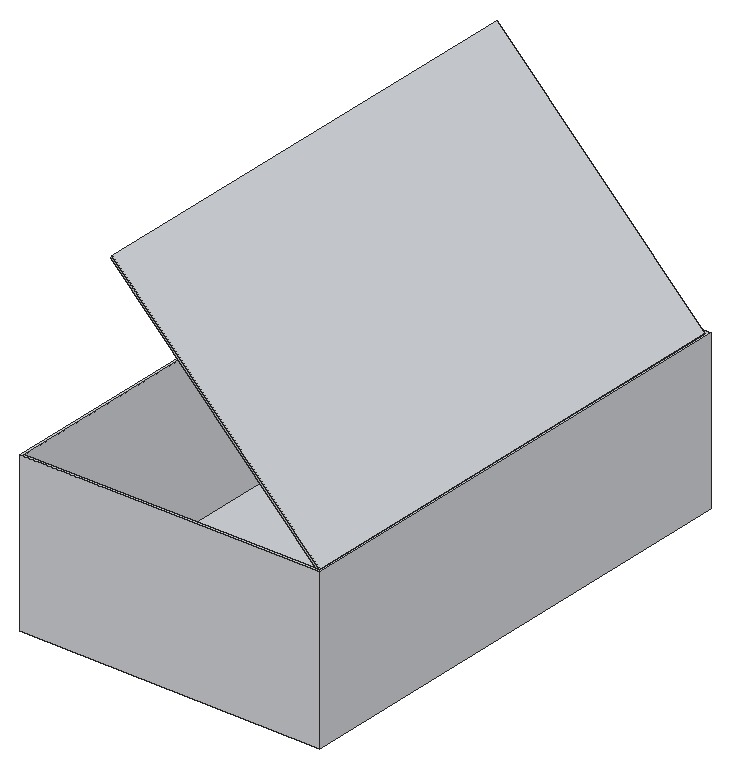
Revit family "Hager-Vector-IP65-vuoto-IT-it", category Electrical Equipment, host Face, Revit 2020
Family settings
  Host = Face
  Panel Configuration = Two Columns, Circuits Across
  Round Connector Dimension = Use Diameter
  Part Type = Panelboard
  Cut with Voids When Loaded = No
  Shared = No
  Room Calculation Point = No
Parameters (values of type "A parete IP65 L400 A650 P210 0 Unità di divisione - VP72G")
  Width Control [instance] = if([HG000006 - Ad incasso], if([EF000846 - larghezza di montaggio] > min_whd, [EF000846 - larghezza di montaggio], min_whd), if([EF000008 - Larghezza] > min_whd, ([EF000008 - Larghezza]), min_whd))  # 400 mm
  Void Depth [instance] = if([HG000006 - Ad incasso], Depth Control, 1 mm)  # 1 mm
  Type Comments = [HG000003 - Gamma]  # "Vector"
  System Height [instance] = Height Control - 2 * [HG000005 - Spessore]  # 644 mm
  Model = [HG000004 - Codice produttore]  # "VP72G"
  HG000017 - Distanza tra i poli = 18 mm
  HG000016 - Visibilità delle porte nella vista 3D [instance] = yes
  HG000015 - Visibilità attraverso la porta [instance] = no
  HG000014 - Porta destra [instance] = yes
  HG000013 - Porta sinistra [instance] = not([HG000014 - Porta destra])  # no
  HG000012 - Angolo di apertura della porta [instance] = 45.00°
  HG000011 - File vuote nella parte basse = no
  HG000010 - Porte asimmetriche = no
  HG000009 - Porta doppia a battente = no
  HG000008 - Numero di file vuote = 0
  HG000007 - Numero di colonne vuote = 0
  HG000006 - Ad incasso = no
  HG000005 - Spessore = 3 mm  # constant formula
  HG000004 - Codice produttore = "VP72G"
  HG000003 - Gamma = "Vector"
  HG000002 - Con porta = yes
  HG000001 - Numero di colonne = 0
  EF015941 - Segnale di passaggio porta = no
  EF015777 - Morsettiera neutra = no
  EF015776 - Morsettiera di terra = no
  EF009212 - esecuzione coperchio = "EV000116 - chiuso"
  EF006306 - con serratura = yes
  EF006244 - coperchio/porta trasparente = no
  EF005474 - grado di protezione (IP) = "EV006421 - IP65"
  EF004462 - tipo di chiusura = "EV000154 - altri"
  EF002950 - Numero moduli DIN = 0
  EF001596 - Attacco Lampada = "EV000139 - plastica"
  EF001134 - barra DIN = no
  EF001131 - profondità interna = 210 mm
  EF001088 - possibilità di applicazione = yes
  EF001062 - esecuzione EMC = yes
  EF000846 - larghezza di montaggio = 0 mm
  EF000339 - tipo di copertura = "EV004216 - porta"
  EF000332 - Altezza della parte incassata = 0 mm
  EF000266 - numero di file = 0
  EF000218 - profondità di incasso = 210 mm
  EF000118 - con piastra di montaggio = no
  EF000116 - numero RAL = "7035"
  EF000049 - profondità = 210 mm
  EF000040 - Altezza = 650 mm
  EF000008 - Larghezza = 400 mm
  EF000007 - colore = "EV000270 - grigio"
  EF000003 - Tipo di montaggio = "EV000384 - A parete"
  Arrow Offset [instance] = Depth Control / 8  # 26.25 mm
  Arrow Height [instance] = Depth Control - Arrow Offset  # 183.75 mm
  Host Offset [instance] = if([HG000006 - Ad incasso], 0 mm, [EF000049 - profondità])  # 210 mm
  min_whd [instance] = (2 * [HG000005 - Spessore]) + 1 mm  # 7 mm
  Manufacturer = "Hager"  # constant formula
  Height Control [instance] = if([HG000006 - Ad incasso], if([EF000332 - Altezza della parte incassata] > min_whd, [EF000332 - Altezza della parte incassata], min_whd), if([EF000040 - Altezza] > min_whd, ([EF000040 - Altezza]), min_whd))  # 650 mm
  Flush Mounted - Door Frame Width [instance] = if(([EF000040 - Altezza] - [EF000332 - Altezza della parte incassata]) > 0 mm, if([HG000006 - Ad incasso], [EF000040 - Altezza] - [EF000332 - Altezza della parte incassata], 0 mm), 0 mm)  # 0 mm
  Depth Control [instance] = if([HG000006 - Ad incasso], if([EF000218 - profondità di incasso] > 0 mm, [EF000218 - profondità di incasso], 1 mm), if([EF000049 - profondità] > 0 mm, ([EF000049 - profondità]), 1 mm))  # 210 mm
  Default Elevation = 0 mm
Types (4, lengths in mm): name | Width Control | System Height | Model | HG000004 - Codice produttore | EF001131 - profondità interna | EF000218 - profondità di incasso | EF000118 - con piastra di montaggio | EF000049 - profondità | EF000040 - Altezza | EF000008 - Larghezza | Arrow Offset | Arrow Height | Host Offset | Height Control | Depth Control
  A parete IP65 L250 A350 P160 0 Unità di divisione - VP20G | 250 | 344 | "VP20G" | "VP20G" | 160 | 160 | yes | 160 | 350 | 250 | 20 | 140 | 160 | 350 | 160
  A parete IP65 L300 A500 P160 0 Unità di divisione - VP36G | 300 | 494 | "VP36G" | "VP36G" | 160 | 160 | no | 160 | 500 | 300 | 20 | 140 | 160 | 500 | 160
  A parete IP65 L400 A500 P210 0 Unità di divisione - VP54G | 400 | 494 | "VP54G" | "VP54G" | 210 | 210 | no | 210 | 500 | 400 | 26.25 | 183.75 | 210 | 500 | 210
  A parete IP65 L400 A650 P210 0 Unità di divisione - VP72G | 400 | 644 | "VP72G" | "VP72G" | 210 | 210 | no | 210 | 650 | 400 | 26.25 | 183.75 | 210 | 650 | 210
Reference planes
  plane 1 "Center (Front/Back)": y = 0
  plane 2: z = 0
  plane 3 "Center (Left/Right)": x = 0
  plane 4: z = 210
  plane 5: y = 3
  plane 6: z = 205
  plane 7: y = 325
  plane 8: y = 0
  plane 9: y = 650
  plane 10: z = 0
  plane 11: x = -200
  plane 12: x = 200
  plane 13: x = 197
  plane 14: x = -197
  plane 15: y = 647
  plane 16: z = 3
  plane 17: z = 207
  plane 18: z = -1
  plane 19: z = 207
Forms (mm)
  Extrusion 1, solid
    sketch origin (-583.045, 0, 1219.2) x (-1, 0, 0) y (0, 0, 1)
      loop
        line (-383.045, -1009.2) -> (-783.045, -1009.2) -> (-783.045, -1219.2) -> (-383.045, -1219.2) -> (-383.045, -1009.2)
    from 0 to 650 <- "Height Control"
  Extrusion 2, void
    sketch origin (-381.607, -4572, 210) x (0, -1, 0) y (-1, 0, 0)
      loop
        line (-5219, -184.607) -> (-5219, -578.607) -> (-4575, -578.607) -> (-4575, -184.607) -> (-5219, -184.607)
    from 0 to 207
  Extrusion 3, void
    sketch origin (0, 0, 0) x (1, 0, 0) y (0, 1, 0)
      loop
        line (-200, 0) -> (200, 0) -> (200, 650) -> (-200, 650) -> (-200, 0)
    from -1 to 1
  Extrusion 4, solid, detail levels coarse+medium
    sketch origin (-381.607, -4572, 210) x (-1, 0, 0) y (0, -1, 0)
      loop
        line (-184.607, -5219) -> (-184.607, -4575) -> (-578.607, -4575) -> (-578.607, -5219) -> (-184.607, -5219)
    from 0 to -3
Cuts and joins
  Extrusion 2 cuts Extrusion 1
Dimensions and locks
  plane 4 to plane 6 = 5 mm
  "Host Offset": plane 4 to host face
  "Flush Mounted - Door Frame Width": plane 1 "Center (Front/Back)" to plane 8
  "HG000005 - Spessore": plane 5 to plane 8
  locked: connector elem to plane 3 "Center (Left/Right)"
  "Height Control": plane 9 to plane 8
  equal spacing: plane 9, plane 7, plane 8
  locked: connector elem to plane 7
  "Depth Control": plane 4 to plane 10
  "HG000005 - Spessore": plane 11 to plane 14
  "HG000005 - Spessore": plane 12 to plane 13
  equal spacing: plane 11, plane 3 "Center (Left/Right)", plane 12
  "Width Control": plane 11 to plane 12
  "Arrow Offset": nested 4 to plane 10
  "HG000005 - Spessore": plane 9 to plane 15
  "HG000005 - Spessore": plane 16 to plane 10
  "HG000005 - Spessore": plane 4 to plane 17
  "Void Depth": plane 2 to plane 18
  "HG000005 - Spessore": plane 4 to plane 19
  aligned and locked: plane 2 to host face
  aligned and locked: level to host face
  aligned and locked: plane 3 "Center (Left/Right)" to nested 2
  aligned and locked: plane 4 to nested 2
  aligned and locked: nested 2 to plane 8
  aligned and locked: nested 1 to plane 6
  aligned and locked: plane 5 to nested 1
  aligned and locked: nested 4 to plane 11
  aligned and locked: nested 3 to plane 4
  aligned and locked: Extrusion 1 sketch curve to plane 12
  aligned and locked: Extrusion 1 sketch curve to plane 11
  aligned and locked: nested 3 to plane 10
  aligned and locked: plane 10 to Extrusion 1 sketch curve
  aligned and locked: plane 5 to Extrusion 2 sketch curve
  aligned and locked: Extrusion 2 sketch curve to plane 15
  aligned and locked: Extrusion 2 sketch curve to plane 14
  aligned and locked: Extrusion 2 sketch curve to plane 13
  aligned and locked: plane 11 to Extrusion 3 sketch curve
  aligned and locked: plane 9 to Extrusion 3 sketch curve
  aligned and locked: Extrusion 3 sketch curve to plane 8
  aligned and locked: plane 12 to Extrusion 3 sketch curve
  aligned and locked: nested 3 to plane 12
  aligned and locked: Extrusion 3 to plane 18
  aligned and locked: Extrusion 2 to plane 16
  aligned and locked: Extrusion 1 sketch curve to plane 4
  aligned and locked: Extrusion 4 to plane 17
  aligned and locked: Extrusion 4 sketch curve to plane 15
  aligned and locked: Extrusion 4 sketch curve to plane 13
  aligned and locked: Extrusion 4 sketch curve to plane 14
  aligned and locked: plane 5 to Extrusion 4 sketch curve
Automatic sketch dimensions
  host sketch curve to host sketch curve = 1469.727 mm
  host sketch curve to host sketch curve = 1434.803 mm
Nested families
  nested 1: "Hager_Enclosure_System" at (0, 3, 205) x (1, 0, 0) z (0, 1, 0), Depth <- "HG000005 - Spessore", Height <- "System Height", Width <- "EF000008 - Larghezza", Border <- "HG000005 - Spessore", Flush_Mounted <- "HG000006 - Ad incasso", Built-in_Width <- "EF000846 - larghezza di montaggio", Row_Module_Multiplicator <- "EF002950 - Numero moduli DIN", Total_No_Empty_Rows <- "HG000008 - Numero di file vuote", Total_No_Rows <- "EF000266 - numero di file", Empty_Columns <- "HG000007 - Numero di colonne vuote", Width_Control <- "Width Control", Empty_Rows_From_Bottom <- "HG000011 - File vuote nella parte basse", Distance_Between_Poles <- "HG000017 - Distanza tra i poli", Rows_Count <- "EF000266 - numero di file", Columns_Count <- "HG000001 - Numero di colonne", type "Hager_Enclosure_System", detail levels fine
    with Width_Control 400 mm, Width 400 mm, Total_No_Rows 0, Total_No_Empty_Rows 0, Total_No_Columns 1, System_Width 394 mm, Rows_Count 0, Rows_Column 0, Row_Module_Multiplicator 0, Panel_4 no, Panel_3 no, Panel_2 no, Panel_1 no, No_Panels_Ctrl 1, Hide_Columns yes, Height 644 mm, Flush_Mounted no, Empty_Rows_From_Bottom no, Empty_Rows_Column 0, Empty_Columns 0, Distance_Between_Poles 18 mm, Depth 3 mm, Columns_Count 0, Column_Width 394 mm, Built-in_Width 0 mm, Border 3 mm
  nested 2: "Hager_Enclosure_Door" at (0, 0, 210) x (1, 0, 0) z (0, 1, 0), Border <- "HG000005 - Spessore", Door_Right <- "HG000014 - Porta destra", Flush_Mounted <- "HG000006 - Ad incasso", Depth <- "EF000049 - profondità", Width <- "EF000008 - Larghezza", Door_Left <- "HG000013 - Porta sinistra", 3d_Door <- "HG000016 - Visibilità delle porte nella vista 3D", BuiltIn_Width <- "EF000846 - larghezza di montaggio", BuiltIn_Height <- "EF000332 - Altezza della parte incassata", BuiltIn_Depth <- "EF000218 - profondità di incasso", Angle <- "HG000012 - Angolo di apertura della porta", Assymetrical <- "HG000010 - Porte asimmetriche", Double <- "HG000009 - Porta doppia a battente", Clearance <- "HG000015 - Visibilità attraverso la porta", Transparent <- "EF006244 - coperchio/porta trasparente", Door <- "HG000002 - Con porta", Height_Ctrl <- "Height Control", Width_Ctrl <- "Width Control", Height <- "EF000040 - Altezza", type "Hager_Enclosure_Door", detail levels medium+fine
    with min_wh 7 mm, Width_Ctrl 400 mm, Width 400 mm, Transparent_Door_No_Bottom_Border no, Transparent no, Leaf_Width 391 mm, Leaf_Tolerance 1.5 mm, Leaf_Height 641 mm, Leaf_2_Width 391 mm, Leaf_2_Offset 195.5 mm, Leaf_1_Width 391 mm, Leaf_1_Offset 195.5 mm, Height_Ctrl 650 mm, Height 650 mm, Frame_Width_Ctrl 400 mm, Frame_Width 400 mm, Frame_Internal_Offset 0 mm, Frame_Height_Ctrl 650 mm, Frame_Height 650 mm, Frame_Depth_Ctrl 1 mm, Frame_Depth 0 mm, Flush_Mounted no, Double_Clearance_Ctrl no, Double no, Door_Right_Ctrl yes, Door_Right yes, Door_Left_Ctrl no, Door_Left no, Door yes, Depth 210 mm, Clearance_Depth 391 mm, Clearance_Ctrl no, Clearance no, BuiltIn_Width 0 mm, BuiltIn_Height 0 mm, BuiltIn_Depth 210 mm, Border 3 mm, Assymetrical no, Angle 45.00°, 3d_Door yes
  nested 3: "Hager_Enclosure_Symbol_Triangle" at (-200, 0, 0) x (1, 0, 0) z (0, -1, 0), Depth <- "Depth Control", Width <- "Width Control", type "Hager_Enclosure_Symbol_Triangle"
    with Width_Ctrl 400 mm, Width 400 mm, Depth_Ctrl 210 mm, Depth 210 mm
  nested 4: "Hager_Enclosure_Symbol_Arrow" at (-200, 0, 26.25) x (1, 0, 0) z (0, -1, 0), Height <- "Arrow Height", type "Hager_Enclosure_Symbol_Arrow"
    with Width_Inside 13.781 mm, Width 165.375 mm, Height_Ctrl 183.75 mm, Height 183.75 mm
Connectors
  electrical at (0, 325, 0)
    settings: on plane 10, index 1, voltage 0 V, apparent load 0 VA, apparent load phase1 0 VA, apparent load phase2 0 VA, apparent load phase3 0 VA, power factor 1, load classification "Other", number of poles 1, system type 30, power factor state 1, is connector primary yes, connector utility no, sub classification motor no, connector description ""
Definition of nested family "Hager_Enclosure_Door"
  Parameters (values of type "Hager_Enclosure_Door")
    min_wh [instance] = (2 * Border) + 1 mm  # 11 mm
    Width_Ctrl [instance] = 400 mm
    Width [instance] = 500 mm
    Transparent_Door_No_Bottom_Border [instance] = no
    Transparent [instance] = yes
    Leaf_Width [instance] = if((Width_Ctrl - 2 * Border - 2 * Leaf_Tolerance) > 0 mm, (Width_Ctrl - 2 * Border - 2 * Leaf_Tolerance), min_wh)  # 387 mm
    Leaf_Tolerance [instance] = 1.5 mm  # constant formula
    Leaf_Height [instance] = if((Height_Ctrl - 2 * Border - 2 * Leaf_Tolerance) > 0 mm, (Height_Ctrl - 2 * Border - 2 * Leaf_Tolerance), min_wh)  # 387 mm
    Leaf_2_Width [instance] = if(and(and(Double, Assymetrical), Door_Left), (Leaf_Width / 3) - (Leaf_Tolerance / 2), if(and(and(Double, Assymetrical), Door_Right), (Leaf_Width / 3) * 2 - (Leaf_Tolerance / 2), if(and(Double, not(Assymetrical)), (Leaf_Width / 2) - Leaf_Tolerance, Leaf_Width)))  # 387 mm
    Leaf_2_Offset [instance] = if(and(Double, Assymetrical), Leaf_2_Width / 2, if(and(Double, not(Assymetrical)), Leaf_Width / 4, Leaf_Width / 2))  # 193.5 mm
    Leaf_1_Width [instance] = if(and(and(Double, Assymetrical), Door_Right), (Leaf_Width / 3) - (Leaf_Tolerance / 2), if(and(and(Double, Assymetrical), Door_Left), (Width / 3) * 2 - (Leaf_Tolerance / 2), if(and(Double, not(Assymetrical)), (Leaf_Width / 2) - Leaf_Tolerance, Leaf_Width)))  # 387 mm
    Leaf_1_Offset [instance] = if(and(Double, Assymetrical), Leaf_1_Width / 2, if(and(Double, not(Assymetrical)), Leaf_Width / 4, Leaf_Width / 2))  # 193.5 mm
    Height_Ctrl [instance] = 400 mm
    Height [instance] = 500 mm
    Frame_Width_Ctrl [instance] = if(Frame_Width > 0 mm, Frame_Width, 1 mm)  # 1 mm
    Frame_Width [instance] = Width - BuiltIn_Width  # 0 mm
    Frame_Internal_Offset [instance] = if(Flush_Mounted, Border, 0 mm)  # 5 mm
    Frame_Height_Ctrl [instance] = if(Frame_Height > 0 mm, Frame_Height, 1 mm)  # 1 mm
    Frame_Height [instance] = Height - BuiltIn_Height  # 0 mm
    Frame_Depth_Ctrl [instance] = if(Frame_Depth > 0 mm, Frame_Depth, 1 mm)  # 1 mm
    Frame_Depth [instance] = if(Depth - BuiltIn_Depth > 0 mm, if(Flush_Mounted, Depth - BuiltIn_Depth, 0 mm), 0 mm)  # 0 mm
    Flush_Mounted [instance] = yes
    Double_Clearance_Ctrl [instance] = and(Double, Clearance)  # no
    Double [instance] = no
    Door_Right_Ctrl [instance] = and(or(Door_Right, Double), Door)  # yes
    Door_Right [instance] = yes
    Door_Left_Ctrl [instance] = and(or(Door_Left, Double), Door)  # no
    Door_Left [instance] = no
    Door [instance] = yes
    Depth [instance] = 500 mm
    Default Elevation = 1219.2 mm
    Clearance_Material = none
    Clearance_Depth [instance] = if(Leaf_1_Width > Leaf_2_Width, Leaf_1_Width, Leaf_2_Width)  # 387 mm
    Clearance_Ctrl [instance] = and(not(Double), Clearance)  # yes
    Clearance [instance] = yes
    BuiltIn_Width [instance] = 500 mm
    BuiltIn_Height [instance] = 500 mm
    BuiltIn_Depth [instance] = 500 mm
    Border [instance] = 5 mm
    Assymetrical [instance] = yes
    Angle [instance] = 30.00°
    3d_Door [instance] = yes
  Reference planes
    plane 1 "Center (Front/Back)": y = 0
    plane 2 "Bottom": z = 0
    plane 3 "Center (Left/Right)": x = 0
    plane 4: z = 400
    plane 5: x = -200
    plane 6: x = 200
    plane 7: z = 395
    plane 8: x = -195
    plane 9: z = 5
    plane 10: x = 195
    plane 11: y = 0
    plane 12: z = 6.5
    plane 13: x = -582
    plane 14: y = -387
    plane 15: x = 582
    plane 16: x = 0
    plane 17: x = 0
    plane 18: x = -193.5
    plane 19: x = 193.5
    plane 20: z = 393.5
  Forms (mm)
    Extrusion 1, solid, visible <- "Flush_Mounted"
      sketch origin (0, 0, 0) x (1, 0, 0) y (0, 0, 1)
        loop
          line (195, 5) -> (195, 395) -> (-195, 395) -> (-195, 5) -> (195, 5)
        loop
          line (-201, 401) -> (-201, -1) -> (201, -1) -> (201, 401) -> (-201, 401)
      from 0 to 1 <- "Frame_Depth_Ctrl"
    Extrusion 2, solid, material <- "Clearance_Material", visible <- "Double_Clearance_Ctrl"
      sketch origin (1200, 0, 0) x (1, 0, 0) y (0, 0, -1)
        loop
          line (-1782, -393.5) -> (-618, -393.5) -> (-618, 0) -> (-1782, 0) -> (-1782, -393.5)
      from 0 to -387
  Dimensions and locks
    equal spacing: plane 5, plane 3 "Center (Left/Right)", plane 6
    "Width_Ctrl": plane 5 to plane 6
    "Border": plane 5 to plane 8
    "Border": plane 6 to plane 10
    "Border": plane 9 to level
    "Border": plane 4 to plane 7
    "Height_Ctrl": plane 4 to level
    "Leaf_Tolerance": plane 12 to plane 9
    "Frame_Depth": plane 11 to plane 1 "Center (Front/Back)"
    "Frame_Width_Ctrl": plane 5 to Extrusion 1 sketch curve
    "Frame_Width_Ctrl": plane 6 to Extrusion 1 sketch curve
    "Frame_Width_Ctrl": Extrusion 1 sketch curve to plane 4
    "Frame_Width_Ctrl": plane 2 "Bottom" to Extrusion 1 sketch curve
    "Leaf_1_Offset": plane 18 to plane 16
    "Leaf_2_Offset": plane 17 to plane 19
    "Leaf_1_Width": plane 13 to plane 8
    "Leaf_2_Width": plane 10 to plane 15
    "Clearance_Depth": plane 14 to plane 1 "Center (Front/Back)"
    "Leaf_Tolerance": plane 8 to plane 18
    "Leaf_Tolerance": plane 19 to plane 10
    "Leaf_Tolerance": plane 7 to plane 20
    "Frame_Internal_Offset": plane 5 to Extrusion 1 sketch curve
    "Frame_Internal_Offset": Extrusion 1 sketch curve to plane 2 "Bottom"
    "Frame_Internal_Offset": plane 6 to Extrusion 1 sketch curve
    "Frame_Internal_Offset": plane 4 to Extrusion 1 sketch curve
    aligned and locked: level to plane 2 "Bottom"
    aligned and locked: nested 1 to plane 16
    aligned and locked: nested 2 to plane 17
    aligned and locked: Extrusion 2 to plane 13
    aligned and locked: plane 15 to Extrusion 2
    aligned and locked: Extrusion 2 to plane 14
    aligned and locked: plane 12 to nested 1
    aligned and locked: nested 2 to plane 12
    aligned and locked: Extrusion 2 to plane 11
    aligned and locked: plane 20 to Extrusion 2
    aligned and locked: nested 2 to plane 11
    aligned and locked: nested 1 to plane 11
  Automatic sketch dimensions
    Extrusion 2 sketch curve to level = 0 mm
    plane 5 to Extrusion 2 sketch curve = 382 mm
    plane 6 to Extrusion 2 sketch curve = 382 mm
    Extrusion 2 sketch curve to plane 4 = 6.5 mm
  Nested families
    nested 1: "Hager_Enclosure_Door_Leaf" at (0, 0, 6.5), Width <- "Leaf_1_Width", visible <- "Door_Left_Ctrl", Leaf_Height <- "Leaf_Height", Angle <- "Angle", Depth <- "Border", 3d_Door <- "3d_Door", Transparent <- "Transparent", Clearance Material <- "Clearance_Material", Clearance <- "Clearance_Ctrl", Transparent_Door_No_Bottom_Border <- "Transparent_Door_No_Bottom_Border", type "Hager_Enclosure_Door_Leaf"
      with Width 387 mm, Transparent_Door_No_Bottom_Border no, Transparent_Door_Border_Bottom_Top 25 mm, Transparent_Door_Border 25 mm, Transparent_Ctrl yes, Transparent yes, Standard no, Leaf_Height 387 mm, Glass_Offset 1 mm, Depth 5 mm, Clearance Material none, Clearance yes, Angle_Ctrl 30.00°, Angle 30.00°, 3d_Door yes
    nested 2: "Hager_Enclosure_Door_Leaf" at (0, 0, 6.5) x (-1, 0, 0) z (0, 0, 1), Width <- "Leaf_2_Width", visible <- "Door_Right_Ctrl", Leaf_Height <- "Leaf_Height", Angle <- "Angle", Depth <- "Border", 3d_Door <- "3d_Door", Transparent <- "Transparent", Clearance Material <- "Clearance_Material", Clearance <- "Clearance_Ctrl", Transparent_Door_No_Bottom_Border <- "Transparent_Door_No_Bottom_Border", type "Hager_Enclosure_Door_Leaf"
      with Width 387 mm, Transparent_Door_No_Bottom_Border no, Transparent_Door_Border_Bottom_Top 25 mm, Transparent_Door_Border 25 mm, Transparent_Ctrl yes, Transparent yes, Standard no, Leaf_Height 387 mm, Glass_Offset 1 mm, Depth 5 mm, Clearance Material none, Clearance yes, Angle_Ctrl 30.00°, Angle 30.00°, 3d_Door yes
  Definition of nested family "Hager_Enclosure_Door_Leaf"
    Parameters (values of type "Hager_Enclosure_Door_Leaf")
      Width [instance] = 2000 mm
      Transparent_Door_No_Bottom_Border [instance] = yes
      Transparent_Door_Border_Bottom_Top [instance] = if(Transparent_Door_No_Bottom_Border, 0.1 mm, Transparent_Door_Border)  # 0.1 mm
      Transparent_Door_Border [instance] = if(Transparent_Door_No_Bottom_Border, (Width * 0.12), 25 mm)  # 240 mm
      Transparent_Ctrl [instance] = and(Transparent, [3d_Door])  # yes
      Transparent [instance] = yes
      Standard [instance] = and(not(Transparent), [3d_Door])  # no
      Leaf_Height [instance] = 2720.336 mm
      Glass_Offset [instance] = if((Depth - 10 mm) / 2 > 0 mm, (Depth - 10 mm) / 2, 1 mm)  # 15 mm
      Glass_Material = none
      Depth [instance] = 40 mm
      Default Elevation = 0 mm
      Clearance Material [instance] = none
      Clearance [instance] = yes
      Angle_Ctrl [instance] = if(Angle > 170.00°, 170.00°, Angle)  # 45.00°
      Angle [instance] = 45.00°
      3d_Door [instance] = yes
    Reference planes
      plane 1 "Center (Front/Back)": y = 0
      plane 2: z = 0
      plane 3 "Center (Left/Right)": x = 0
      plane 4: y = 2000
      plane 5: x = -1000
      plane 6: x = 1000
      plane 7: x = -3000
      plane 8: z = 2720.336
      plane 9: z = 0.1
      plane 10: z = 2720.236
      plane 11: x = 760
      plane 12: x = -760
    Forms (mm)
      Extrusion 1, solid, material <- "Clearance Material", visible <- "Clearance"
        sketch origin (0, 0, 0) x (1, 0, 0) y (0, 0, 1)
          loop
            line (-3000, 2720.336) -> (-3000, 0) -> (1000, 0) -> (1000, 2720.336) -> (-3000, 2720.336)
        from 0 to -2000
      Extrusion 2, solid, visible <- "Standard", detail levels medium+fine
        sketch origin (-1000, 0, 0) x (0.707107, 0.707107, 0) y (-0.707107, 0.707107, 0)
          loop
            line (0, -40) -> (2000, -40) -> (2000, 0) -> (0, 0) -> (0, -40)
        from 0 to 2720.336 <- "Leaf_Height"
      Extrusion 3, solid, visible <- "Transparent_Ctrl", detail levels medium+fine
        sketch origin (-1000, 0, 0) x (0.707107, 0.707107, 0) y (-0.707107, 0.707107, 0)
          loop
            line (0, -40) -> (2000, -40) -> (2000, 0) -> (0, 0) -> (0, -40)
        from 0 to 2720.336 <- "Leaf_Height"
      Extrusion 4, void, detail levels medium+fine
        sketch origin (-1000, 0, 0) x (-0.707107, 0.707107, 0) y (0.707107, 0.707107, 0)
          loop
            line (0, 240) -> (0, 1760) -> (-40, 1760) -> (-40, 240) -> (0, 240)
        from -2720.236 to -0.1
      Extrusion 5, solid, material <- "Glass_Material", visible <- "Transparent_Ctrl", detail levels medium+fine
        sketch origin (-1000, 0, 0) x (0.707107, 0.707107, 0) y (-0.707107, 0.707107, 0)
          loop
            line (240, -15) -> (240, -25) -> (1760, -25) -> (1760, -15) -> (240, -15)
        from 0.1 to 2720.236
    Cuts and joins
      Extrusion 4 cuts Extrusion 3
    Lines and regions (mm)
      symbolic lines
        curve 1: line (1000, 0, 0) -> (-3000, 0, 0)
        curve 2: arc (1000, 0, 0) -> (-1000, 2000, 0) -> (-3000, 0, 0) r 2000
        curve 4: line (-1000, 0, 0) -> (414.214, 1414.214, 0)
      reference lines
        curve 3: line (-1000, 0, 0) -> (414.214, 1414.214, 0)
      symbolic lines, detail levels medium+fine
        curve 5: line (414.214, 1414.214, 0) -> (442.498, 1385.929, 0)
        curve 6: line (442.498, 1385.929, 0) -> (-971.716, -28.284, 0)
        curve 7: line (-971.716, -28.284, 0) -> (-1000, 0, 0)
        curve 8: line (-1000, 0, 2720.336) -> (1000, 0, 2720.336)
        curve 9: line (-1000, 0, 0) -> (-1000, 0, 2720.336)
        curve 10: line (1000, 0, 0) -> (-1000, 0, 0)
        curve 11: line (1000, 0, 2720.336) -> (1000, 0, 0)
      symbolic lines, visible <- "Transparent_Ctrl", detail levels medium+fine
        curve 12: line (-760, 0, 2720.236) -> (760, 0, 2720.236)
        curve 13: line (-760, 0, 0.1) -> (-760, 0, 2720.236)
        curve 14: line (760, 0, 0.1) -> (-760, 0, 0.1)
        curve 15: line (760, 0, 2720.236) -> (760, 0, 0.1)
    Dimensions and locks
      "Width": plane 1 "Center (Front/Back)" to plane 4
      equal spacing: plane 5, plane 3 "Center (Left/Right)", plane 6
      "Width": plane 5 to plane 6
      "Width": plane 7 to plane 5
      "Leaf_Height": plane 8 to level
      "Depth": curve 6 to curve 3
      "Width": curve 5 to curve 3
      "Width": curve 3 to curve 3
      "Transparent_Door_Border": Extrusion 4 sketch curve to curve 7
      "Transparent_Door_Border": Extrusion 4 sketch curve to curve 5
      "Transparent_Door_Border_Bottom_Top": plane 8 to plane 10
      "Transparent_Door_Border_Bottom_Top": plane 9 to level
      "Glass_Offset": Extrusion 5 sketch curve to curve 4
      "Glass_Offset": Extrusion 5 sketch curve to curve 6
      "Transparent_Door_Border": Extrusion 5 sketch curve to curve 5
      "Transparent_Door_Border": Extrusion 5 sketch curve to curve 7
      "Transparent_Door_Border": plane 12 to plane 5
      "Transparent_Door_Border": plane 6 to plane 11
      "Angle_Ctrl": angle plane 1 "Center (Front/Back)" to curve 3
      aligned and locked: level to plane 2
      aligned and locked: Extrusion 1 to curve 1
      aligned and locked: plane 6 to Extrusion 1
      aligned and locked: Extrusion 1 to plane 1 "Center (Front/Back)"
      aligned and locked: plane 4 to Extrusion 1
      aligned and locked: plane 8 to Extrusion 1
      aligned and locked: curve 4 to curve 3
      aligned and locked: Extrusion 2 sketch curve to curve 7
      aligned and locked: Extrusion 2 sketch curve to curve 6
      aligned and locked: Extrusion 2 sketch curve to curve 5
      aligned and locked: Extrusion 2 sketch curve to curve 3
      aligned and locked: curve 7 to Extrusion 3 sketch curve
      aligned and locked: Extrusion 3 sketch curve to curve 4
      aligned and locked: Extrusion 3 sketch curve to curve 6
      aligned and locked: Extrusion 3 sketch curve to curve 5
      aligned and locked: curve 4 to Extrusion 4 sketch curve
      aligned and locked: curve 6 to Extrusion 4 sketch curve
      aligned and locked: Extrusion 4 to plane 9
      aligned and locked: Extrusion 4 to plane 10
      aligned and locked: Extrusion 5 to plane 9
      aligned and locked: Extrusion 5 to plane 10
      aligned and locked: curve 8 to plane 8
      aligned and locked: plane 5 to curve 9
      aligned and locked: plane 2 to curve 10
      aligned and locked: curve 11 to plane 6
      aligned and locked: plane 10 to curve 12
      aligned and locked: plane 12 to curve 13
      aligned and locked: curve 14 to plane 9
      aligned and locked: plane 11 to curve 15
    Automatic sketch dimensions
      plane 1 "Center (Front/Back)" to curve 2 = 0 mm
      curve 2 to plane 5 = 0 mm
      Extrusion 1 sketch curve to level = 0 mm
      Extrusion 1 sketch curve to plane 7 = 0 mm
      Extrusion 1 sketch curve to plane 6 = 0 mm
      Extrusion 1 sketch curve to plane 8 = 0 mm
      plane 1 "Center (Front/Back)" to curve 3 = 0 mm
      curve 3 to plane 5 = 0 mm
      curve 7 to curve 3 = 0 mm
Definition of nested family "Hager_Enclosure_Symbol_Triangle"
  Parameters (values of type "Hager_Enclosure_Symbol_Triangle")
    Width_Ctrl [instance] = if(Width > 1 mm, Width, 1 mm)  # 498 mm
    Width [instance] = 498 mm
    Depth_Ctrl [instance] = if(Depth > 1 mm, Depth, 1 mm)  # 72 mm
    Depth [instance] = 72 mm
  Reference planes
    plane 1 "Centre (avant/arrière)": y = 0
    plane 2: z = 0
    plane 3 "Centre (gauche/droite)": x = 0
  Lines and regions (mm)
    Filled region 1, type "Solid_Black", in view "Niveau de réf."
      outline origin (0, 0, 0) x (1, 0, 0) y (0, 1, 0)
        loop
          line (0, 0) -> (498, 0) -> (498, 72) -> (0, 0)
    reference lines, in view "Niveau de réf."
      curve 1: line (-206.153, 72, 0) -> (1083.258, 72, 0)
      curve 2: line (498, 405.456, 0) -> (498, -517.619, 0)
  Dimensions and locks
    "Depth_Ctrl": plane 1 "Centre (avant/arrière)" to curve 1
    "Width_Ctrl": plane 3 "Centre (gauche/droite)" to curve 2
    aligned and locked: curve 1 to Filled region 1 sketch curve
    aligned and locked: Filled region 1 sketch curve to plane 1 "Centre (avant/arrière)"
    aligned and locked: curve 2 to Filled region 1 sketch curve
    aligned and locked: plane 3 "Centre (gauche/droite)" to Filled region 1 sketch curve
    aligned and locked: plane 1 "Centre (avant/arrière)" to Filled region 1 sketch curve
  Automatic sketch dimensions
    curve 1 to plane 3 "Centre (gauche/droite)" = 206.153 mm
    curve 2 to curve 1 = 585.258 mm
    plane 1 "Centre (avant/arrière)" to curve 2 = 517.619 mm
    curve 2 to plane 1 "Centre (avant/arrière)" = 405.456 mm
Definition of nested family "Hager_Enclosure_Symbol_Arrow"
  Parameters (values of type "Hager_Enclosure_Symbol_Arrow")
    Width_Inside [instance] = if(Width / 12 > 2 mm, Width / 12, 2 mm)  # 4.987 mm
    Width [instance] = if(Height_Ctrl * 0.9 > 2 mm, Height_Ctrl * 0.9, 2 mm)  # 59.85 mm
    Height_Ctrl [instance] = if(Height > 2 mm, Height, 2 mm)  # 66.5 mm
    Height [instance] = 66.5 mm
  Reference planes
    plane 1 "Centre (avant/arrière)": y = 0
    plane 2: z = 0
    plane 3 "Centre (gauche/droite)": x = 0
    plane 4: x = 59.85
    plane 5: y = 28.263
    plane 6: y = 38.238
    plane 7: y = 66.5
    plane 8: x = 29.925
    plane 9: y = 33.25
  Lines and regions (mm)
    Filled region 1, type "Solid_Black", in view "Niveau de réf."
      outline origin (0, 0, 0) x (1, 0, 0) y (0, 1, 0)
        loop
          line (59.85, 66.5) -> (37.929, 52.827) -> (51.846, 41.935) -> (59.85, 66.5)
    detail lines, in view "Niveau de réf."
      curve 1: line (0, 0, 0) -> (29.925, 38.238, 0)
      curve 2: line (29.925, 38.238, 0) -> (29.925, 28.263, 0)
      curve 3: line (29.925, 28.263, 0) -> (59.85, 66.5, 0)
  Dimensions and locks
    "Width": plane 3 "Centre (gauche/droite)" to plane 4
    "Height_Ctrl": plane 7 to plane 1 "Centre (avant/arrière)"
    equal spacing: plane 3 "Centre (gauche/droite)", plane 8, plane 4
    equal spacing: plane 7, plane 9, plane 1 "Centre (avant/arrière)"
    equal spacing: plane 6, plane 9, plane 5
    "Width_Inside": plane 6 to plane 9
    equal spacing: curve 3, Filled region 1 sketch curve, Filled region 1 sketch curve
    angle Filled region 1 sketch curve to curve 3 = 20.00°
    angle curve 3 to Filled region 1 sketch curve = 20.00°
    locked: curve 3 to Filled region 1 sketch curve (angle 90.00°)
  Automatic sketch dimensions
    plane 1 "Centre (avant/arrière)" to curve 1 = 0 mm
    curve 1 to plane 3 "Centre (gauche/droite)" = 0 mm
    curve 2 to plane 6 = 0 mm
    curve 3 to plane 8 = 0 mm
    curve 3 to plane 4 = 0 mm
    curve 2 to plane 5 = 0 mm
    curve 3 to plane 7 = 0 mm
    Filled region 1 sketch curve to plane 4 = 0 mm
    Filled region 1 sketch curve to plane 7 = 0 mm
